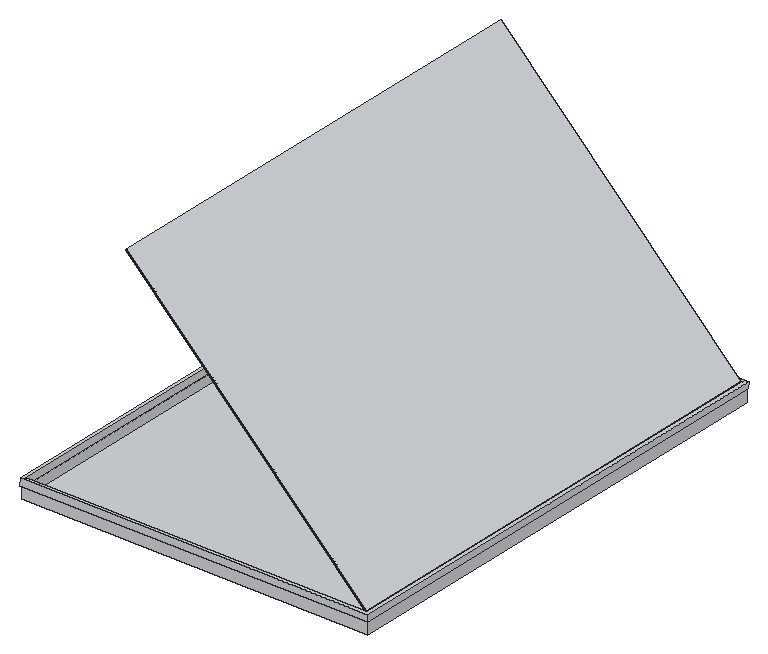
Revit family "Hager-Pablo-IP40-Plain_Door-vuoto-IT-it", category Electrical Equipment, host Face, Revit 2020
Family settings
  Host = Face
  Panel Configuration = Two Columns, Circuits Across
  Round Connector Dimension = Use Diameter
  Part Type = Panelboard
  Cut with Voids When Loaded = No
  Shared = No
  Room Calculation Point = No
Parameters (values of type "Incassato IP40 L460 A725 P25 18 Unità di divisione - B04949")
  Width Control [instance] = if([HG000006 - Ad incasso], if([EF000846 - larghezza di montaggio] > min_whd, [EF000846 - larghezza di montaggio], min_whd), if([EF000008 - Larghezza] > min_whd, ([EF000008 - Larghezza]), min_whd))  # 460 mm
  Void Depth [instance] = if([HG000006 - Ad incasso], Depth Control, 1 mm)  # 16 mm
  Type Comments = [HG000003 - Gamma]  # "Pablo"
  System Height [instance] = Height Control - 2 * [HG000005 - Spessore]  # 624 mm
  Model = [HG000004 - Codice produttore]  # "B04949"
  HG000017 - Distanza tra i poli = 18 mm
  HG000016 - Visibilità delle porte nella vista 3D [instance] = yes
  HG000015 - Visibilità attraverso la porta [instance] = no
  HG000014 - Porta destra [instance] = yes
  HG000013 - Porta sinistra [instance] = not([HG000014 - Porta destra])  # no
  HG000012 - Angolo di apertura della porta [instance] = 45.00°
  HG000011 - File vuote nella parte basse = no
  HG000010 - Porte asimmetriche = no
  HG000009 - Porta doppia a battente = no
  HG000008 - Numero di file vuote = 0
  HG000007 - Numero di colonne vuote = 0
  HG000006 - Ad incasso = yes
  HG000005 - Spessore = 3 mm  # constant formula
  HG000004 - Codice produttore = "B04949"
  HG000003 - Gamma = "Pablo"
  HG000002 - Con porta = yes
  HG000001 - Numero di colonne = 0
  EF015941 - Segnale di passaggio porta = no
  EF015777 - Morsettiera neutra = no
  EF015776 - Morsettiera di terra = no
  EF009212 - esecuzione coperchio = "EV000116 - chiuso"
  EF006306 - con serratura = no
  EF006244 - coperchio/porta trasparente = no
  EF005474 - grado di protezione (IP) = "EV006415 - IP40"
  EF004462 - tipo di chiusura = "EV001412 - cilindro"
  EF002950 - Numero moduli DIN = 18
  EF001596 - Attacco Lampada = "EV000139 - plastica"
  EF001134 - barra DIN = yes
  EF001131 - profondità interna = 16 mm
  EF001088 - possibilità di applicazione = yes
  EF001062 - esecuzione EMC = no
  EF000846 - larghezza di montaggio = 460 mm
  EF000339 - tipo di copertura = "EV004216 - porta"
  EF000332 - Altezza della parte incassata = 630 mm
  EF000266 - numero di file = 4
  EF000218 - profondità di incasso = 16 mm
  EF000118 - con piastra di montaggio = no
  EF000116 - numero RAL = "9016"
  EF000049 - profondità = 25 mm
  EF000040 - Altezza = 725 mm
  EF000008 - Larghezza = 460 mm
  EF000007 - colore = "EV000202 - bianco"
  EF000003 - Tipo di montaggio = "EV001247 - apparente/incassato"
  Arrow Offset [instance] = Depth Control / 8  # 2 mm
  Arrow Height [instance] = Depth Control - Arrow Offset  # 14 mm
  Host Offset [instance] = if([HG000006 - Ad incasso], 0 mm, [EF000049 - profondità])  # 0 mm
  min_whd [instance] = (2 * [HG000005 - Spessore]) + 1 mm  # 7 mm
  Manufacturer = "Hager"  # constant formula
  Height Control [instance] = if([HG000006 - Ad incasso], if([EF000332 - Altezza della parte incassata] > min_whd, [EF000332 - Altezza della parte incassata], min_whd), if([EF000040 - Altezza] > min_whd, ([EF000040 - Altezza]), min_whd))  # 630 mm
  Flush Mounted - Door Frame Width [instance] = if(([EF000040 - Altezza] - [EF000332 - Altezza della parte incassata]) > 0 mm, if([HG000006 - Ad incasso], [EF000040 - Altezza] - [EF000332 - Altezza della parte incassata], 0 mm), 0 mm)  # 95 mm
  Depth Control [instance] = if([HG000006 - Ad incasso], if([EF000218 - profondità di incasso] > 0 mm, [EF000218 - profondità di incasso], 1 mm), if([EF000049 - profondità] > 0 mm, ([EF000049 - profondità]), 1 mm))  # 16 mm
  Default Elevation = 0 mm
Types (18, lengths in mm): name | Width Control | Void Depth | System Height | Model | HG000006 - Ad incasso | HG000004 - Codice produttore | EF002950 - Numero moduli DIN | EF000846 - larghezza di montaggio | EF000332 - Altezza della parte incassata | EF000266 - numero di file | EF000040 - Altezza | EF000008 - Larghezza | Arrow Offset | Arrow Height | Host Offset | Height Control | Flush Mounted - Door Frame Width | Depth Control
  A parete IP40 L175 A191 P25 4 Unità di divisione - B04941 | 175 | 1 | 185 | "B04941" | no | "B04941" | 4 | 175 | 160 | 1 | 191 | 175 | 3.125 | 21.875 | 25 | 191 | 0 | 25
  A parete IP40 L211 A191 P25 6 Unità di divisione - B04942 | 211 | 1 | 185 | "B04942" | no | "B04942" | 6 | 211 | 160 | 1 | 191 | 211 | 3.125 | 21.875 | 25 | 191 | 0 | 25
  A parete IP40 L280 A235 P25 8 Unità di divisione - B04943 | 280 | 1 | 229 | "B04943" | no | "B04943" | 8 | 280 | 160 | 1 | 235 | 280 | 3.125 | 21.875 | 25 | 235 | 0 | 25
  A parete IP40 L352 A275 P25 12 Unità di divisione - B04944 | 352 | 1 | 269 | "B04944" | no | "B04944" | 12 | 352 | 160 | 1 | 275 | 352 | 3.125 | 21.875 | 25 | 275 | 0 | 25
  A parete IP40 L352 A425 P25 12 Unità di divisione - B04946 | 352 | 1 | 419 | "B04946" | no | "B04946" | 12 | 352 | 405 | 2 | 425 | 352 | 3.125 | 21.875 | 25 | 425 | 0 | 25
  A parete IP40 L352 A575 P25 12 Unità di divisione - B04947 | 352 | 1 | 569 | "B04947" | no | "B04947" | 12 | 352 | 405 | 3 | 575 | 352 | 3.125 | 21.875 | 25 | 575 | 0 | 25
  A parete IP40 L460 A275 P25 18 Unità di divisione - B04945 | 460 | 1 | 269 | "B04945" | no | "B04945" | 18 | 460 | 160 | 1 | 275 | 460 | 3.125 | 21.875 | 25 | 275 | 0 | 25
  A parete IP40 L460 A575 P25 18 Unità di divisione - B04948 | 460 | 1 | 569 | "B04948" | no | "B04948" | 18 | 460 | 405 | 3 | 575 | 460 | 3.125 | 21.875 | 25 | 575 | 0 | 25
  A parete IP40 L460 A725 P25 18 Unità di divisione - B04949 | 460 | 1 | 719 | "B04949" | no | "B04949" | 18 | 460 | 630 | 4 | 725 | 460 | 3.125 | 21.875 | 25 | 725 | 0 | 25
  Incassato IP40 L175 A191 P25 4 Unità di divisione - B04941 | 175 | 16 | 154 | "B04941" | yes | "B04941" | 4 | 175 | 160 | 1 | 191 | 175 | 2 | 14 | 0 | 160 | 31 | 16
  Incassato IP40 L211 A191 P25 6 Unità di divisione - B04942 | 211 | 16 | 154 | "B04942" | yes | "B04942" | 6 | 211 | 160 | 1 | 191 | 211 | 2 | 14 | 0 | 160 | 31 | 16
  Incassato IP40 L280 A235 P25 8 Unità di divisione - B04943 | 280 | 16 | 154 | "B04943" | yes | "B04943" | 8 | 280 | 160 | 1 | 235 | 280 | 2 | 14 | 0 | 160 | 75 | 16
  Incassato IP40 L352 A275 P25 12 Unità di divisione - B04944 | 352 | 16 | 154 | "B04944" | yes | "B04944" | 12 | 352 | 160 | 1 | 275 | 352 | 2 | 14 | 0 | 160 | 115 | 16
  Incassato IP40 L352 A425 P25 12 Unità di divisione - B04946 | 352 | 16 | 399 | "B04946" | yes | "B04946" | 12 | 352 | 405 | 2 | 425 | 352 | 2 | 14 | 0 | 405 | 20 | 16
  Incassato IP40 L352 A575 P25 12 Unità di divisione - B04947 | 352 | 16 | 399 | "B04947" | yes | "B04947" | 12 | 352 | 405 | 3 | 575 | 352 | 2 | 14 | 0 | 405 | 170 | 16
  Incassato IP40 L460 A275 P25 18 Unità di divisione - B04945 | 460 | 16 | 154 | "B04945" | yes | "B04945" | 18 | 460 | 160 | 1 | 275 | 460 | 2 | 14 | 0 | 160 | 115 | 16
  Incassato IP40 L460 A575 P25 18 Unità di divisione - B04948 | 460 | 16 | 399 | "B04948" | yes | "B04948" | 18 | 460 | 405 | 3 | 575 | 460 | 2 | 14 | 0 | 405 | 170 | 16
  Incassato IP40 L460 A725 P25 18 Unità di divisione - B04949 | 460 | 16 | 624 | "B04949" | yes | "B04949" | 18 | 460 | 630 | 4 | 725 | 460 | 2 | 14 | 0 | 630 | 95 | 16
Reference planes
  plane 1 "Center (Front/Back)": y = 0
  plane 2: z = 0
  plane 3 "Center (Left/Right)": x = 0
  plane 4: z = 0
  plane 5: y = 98
  plane 6: z = -5
  plane 7: y = 410
  plane 8: y = 95
  plane 9: y = 725
  plane 10: z = -16
  plane 11: x = -230
  plane 12: x = 230
  plane 13: x = 227
  plane 14: x = -227
  plane 15: y = 722
  plane 16: z = -13
  plane 17: z = -3
  plane 18: z = -16
  plane 19: z = -3
Forms (mm)
  Extrusion 1, solid
    sketch origin (-583.045, 95, 1219.2) x (-1, 0, 0) y (0, 0, 1)
      loop
        line (-353.045, -1219.2) -> (-813.045, -1219.2) -> (-813.045, -1235.2) -> (-353.045, -1235.2) -> (-353.045, -1219.2)
    from 0 to 630 <- "Height Control"
  Extrusion 2, void
    sketch origin (-381.607, -4572, 0) x (0, -1, 0) y (-1, 0, 0)
      loop
        line (-5294, -154.607) -> (-5294, -608.607) -> (-4670, -608.607) -> (-4670, -154.607) -> (-5294, -154.607)
    from 0 to 13
  Extrusion 3, void
    sketch origin (0, 0, 0) x (1, 0, 0) y (0, 1, 0)
      loop
        line (-230, 95) -> (230, 95) -> (230, 725) -> (-230, 725) -> (-230, 95)
    from -16 to 1
  Extrusion 4, solid, detail levels coarse+medium
    sketch origin (-381.607, -4572, 0) x (-1, 0, 0) y (0, -1, 0)
      loop
        line (-154.607, -5294) -> (-154.607, -4670) -> (-608.607, -4670) -> (-608.607, -5294) -> (-154.607, -5294)
    from 0 to -3
Cuts and joins
  Extrusion 2 cuts Extrusion 1
Dimensions and locks
  plane 4 to plane 6 = 5 mm
  "Host Offset": plane 4 to host face
  "Flush Mounted - Door Frame Width": plane 1 "Center (Front/Back)" to plane 8
  "HG000005 - Spessore": plane 5 to plane 8
  locked: connector elem to plane 3 "Center (Left/Right)"
  "Height Control": plane 9 to plane 8
  equal spacing: plane 9, plane 7, plane 8
  locked: connector elem to plane 7
  "Depth Control": plane 4 to plane 10
  "HG000005 - Spessore": plane 11 to plane 14
  "HG000005 - Spessore": plane 12 to plane 13
  equal spacing: plane 11, plane 3 "Center (Left/Right)", plane 12
  "Width Control": plane 11 to plane 12
  "Arrow Offset": nested 4 to plane 10
  "HG000005 - Spessore": plane 9 to plane 15
  "HG000005 - Spessore": plane 16 to plane 10
  "HG000005 - Spessore": plane 4 to plane 17
  "Void Depth": plane 2 to plane 18
  "HG000005 - Spessore": plane 4 to plane 19
  aligned and locked: plane 2 to host face
  aligned and locked: level to host face
  aligned and locked: plane 3 "Center (Left/Right)" to nested 2
  aligned and locked: plane 4 to nested 2
  aligned and locked: nested 2 to plane 8
  aligned and locked: nested 1 to plane 6
  aligned and locked: nested 1 to plane 5
  aligned and locked: nested 4 to plane 11
  aligned and locked: nested 3 to plane 4
  aligned and locked: Extrusion 1 sketch curve to plane 12
  aligned and locked: Extrusion 1 sketch curve to plane 11
  aligned and locked: nested 3 to plane 10
  aligned and locked: plane 10 to Extrusion 1 sketch curve
  aligned and locked: Extrusion 2 sketch curve to plane 5
  aligned and locked: Extrusion 2 sketch curve to plane 15
  aligned and locked: Extrusion 2 sketch curve to plane 14
  aligned and locked: Extrusion 2 sketch curve to plane 13
  aligned and locked: plane 11 to Extrusion 3 sketch curve
  aligned and locked: plane 9 to Extrusion 3 sketch curve
  aligned and locked: Extrusion 3 sketch curve to plane 8
  aligned and locked: plane 12 to Extrusion 3 sketch curve
  aligned and locked: nested 3 to plane 12
  aligned and locked: Extrusion 3 to plane 18
  aligned and locked: Extrusion 2 to plane 16
  aligned and locked: Extrusion 1 sketch curve to plane 4
  aligned and locked: Extrusion 4 to plane 17
  aligned and locked: Extrusion 4 sketch curve to plane 15
  aligned and locked: Extrusion 4 sketch curve to plane 13
  aligned and locked: Extrusion 4 sketch curve to plane 14
  aligned and locked: Extrusion 4 sketch curve to plane 5
Automatic sketch dimensions
  host sketch curve to host sketch curve = 1469.727 mm
  host sketch curve to host sketch curve = 1434.803 mm
Nested families
  nested 1: "Hager_Enclosure_System" at (0, 98, -5) x (1, 0, 0) z (0, 1, 0), Depth <- "HG000005 - Spessore", Height <- "System Height", Width <- "EF000008 - Larghezza", Border <- "HG000005 - Spessore", Flush_Mounted <- "HG000006 - Ad incasso", Built-in_Width <- "EF000846 - larghezza di montaggio", Row_Module_Multiplicator <- "EF002950 - Numero moduli DIN", Total_No_Empty_Rows <- "HG000008 - Numero di file vuote", Total_No_Rows <- "EF000266 - numero di file", Empty_Columns <- "HG000007 - Numero di colonne vuote", Width_Control <- "Width Control", Empty_Rows_From_Bottom <- "HG000011 - File vuote nella parte basse", Distance_Between_Poles <- "HG000017 - Distanza tra i poli", Rows_Count <- "EF000266 - numero di file", Columns_Count <- "HG000001 - Numero di colonne", type "Hager_Enclosure_System", detail levels fine
    with Width_Control 460 mm, Width 460 mm, Total_No_Rows 4, Total_No_Empty_Rows 0, Total_No_Columns 1, System_Width 454 mm, Rows_Count 4, Rows_Column 4, Row_Module_Multiplicator 18, Panel_4 no, Panel_3 no, Panel_2 no, Panel_1 no, No_Panels_Ctrl 1, Hide_Columns yes, Height 624 mm, Flush_Mounted yes, Empty_Rows_From_Bottom no, Empty_Rows_Column 0, Empty_Columns 0, Distance_Between_Poles 18 mm, Depth 3 mm, Columns_Count 0, Column_Width 454 mm, Built-in_Width 460 mm, Border 3 mm
  nested 2: "Hager_Enclosure_Door" at (0, 95, 0) x (1, 0, 0) z (0, 1, 0), Border <- "HG000005 - Spessore", Door_Right <- "HG000014 - Porta destra", Flush_Mounted <- "HG000006 - Ad incasso", Depth <- "EF000049 - profondità", Width <- "EF000008 - Larghezza", Door_Left <- "HG000013 - Porta sinistra", 3d_Door <- "HG000016 - Visibilità delle porte nella vista 3D", BuiltIn_Width <- "EF000846 - larghezza di montaggio", BuiltIn_Height <- "EF000332 - Altezza della parte incassata", BuiltIn_Depth <- "EF000218 - profondità di incasso", Angle <- "HG000012 - Angolo di apertura della porta", Assymetrical <- "HG000010 - Porte asimmetriche", Double <- "HG000009 - Porta doppia a battente", Clearance <- "HG000015 - Visibilità attraverso la porta", Transparent <- "EF006244 - coperchio/porta trasparente", Door <- "HG000002 - Con porta", Height_Ctrl <- "Height Control", Width_Ctrl <- "Width Control", Height <- "EF000040 - Altezza", type "Hager_Enclosure_Door", detail levels medium+fine
    with min_wh 7 mm, Width_Ctrl 460 mm, Width 460 mm, Transparent_Door_No_Bottom_Border no, Transparent no, Leaf_Width 451 mm, Leaf_Tolerance 1.5 mm, Leaf_Height 621 mm, Leaf_2_Width 451 mm, Leaf_2_Offset 225.5 mm, Leaf_1_Width 451 mm, Leaf_1_Offset 225.5 mm, Height_Ctrl 630 mm, Height 725 mm, Frame_Width_Ctrl 1 mm, Frame_Width 0 mm, Frame_Internal_Offset 3 mm, Frame_Height_Ctrl 95 mm, Frame_Height 95 mm, Frame_Depth_Ctrl 9 mm, Frame_Depth 9 mm, Flush_Mounted yes, Double_Clearance_Ctrl no, Double no, Door_Right_Ctrl yes, Door_Right yes, Door_Left_Ctrl no, Door_Left no, Door yes, Depth 25 mm, Clearance_Depth 451 mm, Clearance_Ctrl no, Clearance no, BuiltIn_Width 460 mm, BuiltIn_Height 630 mm, BuiltIn_Depth 16 mm, Border 3 mm, Assymetrical no, Angle 45.00°, 3d_Door yes
  nested 3: "Hager_Enclosure_Symbol_Triangle" at (-230, 0, -16) x (1, 0, 0) z (0, -1, 0), Depth <- "Depth Control", Width <- "Width Control", type "Hager_Enclosure_Symbol_Triangle"
    with Width_Ctrl 460 mm, Width 460 mm, Depth_Ctrl 16 mm, Depth 16 mm
  nested 4: "Hager_Enclosure_Symbol_Arrow" at (-230, 0, -14) x (1, 0, 0) z (0, -1, 0), Height <- "Arrow Height", type "Hager_Enclosure_Symbol_Arrow"
    with Width_Inside 2 mm, Width 12.6 mm, Height_Ctrl 14 mm, Height 14 mm
Connectors
  electrical at (0, 410, -16)
    settings: on plane 10, index 1, voltage 0 V, apparent load 0 VA, apparent load phase1 0 VA, apparent load phase2 0 VA, apparent load phase3 0 VA, power factor 1, load classification "Other", number of poles 1, system type 30, power factor state 1, is connector primary yes, connector utility no, sub classification motor no, connector description ""
Definition of nested family "Hager_Enclosure_Door"
  Parameters (values of type "Hager_Enclosure_Door")
    min_wh [instance] = (2 * Border) + 1 mm  # 11 mm
    Width_Ctrl [instance] = 400 mm
    Width [instance] = 500 mm
    Transparent_Door_No_Bottom_Border [instance] = no
    Transparent [instance] = yes
    Leaf_Width [instance] = if((Width_Ctrl - 2 * Border - 2 * Leaf_Tolerance) > 0 mm, (Width_Ctrl - 2 * Border - 2 * Leaf_Tolerance), min_wh)  # 387 mm
    Leaf_Tolerance [instance] = 1.5 mm  # constant formula
    Leaf_Height [instance] = if((Height_Ctrl - 2 * Border - 2 * Leaf_Tolerance) > 0 mm, (Height_Ctrl - 2 * Border - 2 * Leaf_Tolerance), min_wh)  # 387 mm
    Leaf_2_Width [instance] = if(and(and(Double, Assymetrical), Door_Left), (Leaf_Width / 3) - (Leaf_Tolerance / 2), if(and(and(Double, Assymetrical), Door_Right), (Leaf_Width / 3) * 2 - (Leaf_Tolerance / 2), if(and(Double, not(Assymetrical)), (Leaf_Width / 2) - Leaf_Tolerance, Leaf_Width)))  # 387 mm
    Leaf_2_Offset [instance] = if(and(Double, Assymetrical), Leaf_2_Width / 2, if(and(Double, not(Assymetrical)), Leaf_Width / 4, Leaf_Width / 2))  # 193.5 mm
    Leaf_1_Width [instance] = if(and(and(Double, Assymetrical), Door_Right), (Leaf_Width / 3) - (Leaf_Tolerance / 2), if(and(and(Double, Assymetrical), Door_Left), (Width / 3) * 2 - (Leaf_Tolerance / 2), if(and(Double, not(Assymetrical)), (Leaf_Width / 2) - Leaf_Tolerance, Leaf_Width)))  # 387 mm
    Leaf_1_Offset [instance] = if(and(Double, Assymetrical), Leaf_1_Width / 2, if(and(Double, not(Assymetrical)), Leaf_Width / 4, Leaf_Width / 2))  # 193.5 mm
    Height_Ctrl [instance] = 400 mm
    Height [instance] = 500 mm
    Frame_Width_Ctrl [instance] = if(Frame_Width > 0 mm, Frame_Width, 1 mm)  # 1 mm
    Frame_Width [instance] = Width - BuiltIn_Width  # 0 mm
    Frame_Internal_Offset [instance] = if(Flush_Mounted, Border, 0 mm)  # 5 mm
    Frame_Height_Ctrl [instance] = if(Frame_Height > 0 mm, Frame_Height, 1 mm)  # 1 mm
    Frame_Height [instance] = Height - BuiltIn_Height  # 0 mm
    Frame_Depth_Ctrl [instance] = if(Frame_Depth > 0 mm, Frame_Depth, 1 mm)  # 1 mm
    Frame_Depth [instance] = if(Depth - BuiltIn_Depth > 0 mm, if(Flush_Mounted, Depth - BuiltIn_Depth, 0 mm), 0 mm)  # 0 mm
    Flush_Mounted [instance] = yes
    Double_Clearance_Ctrl [instance] = and(Double, Clearance)  # no
    Double [instance] = no
    Door_Right_Ctrl [instance] = and(or(Door_Right, Double), Door)  # yes
    Door_Right [instance] = yes
    Door_Left_Ctrl [instance] = and(or(Door_Left, Double), Door)  # no
    Door_Left [instance] = no
    Door [instance] = yes
    Depth [instance] = 500 mm
    Default Elevation = 1219.2 mm
    Clearance_Material = none
    Clearance_Depth [instance] = if(Leaf_1_Width > Leaf_2_Width, Leaf_1_Width, Leaf_2_Width)  # 387 mm
    Clearance_Ctrl [instance] = and(not(Double), Clearance)  # yes
    Clearance [instance] = yes
    BuiltIn_Width [instance] = 500 mm
    BuiltIn_Height [instance] = 500 mm
    BuiltIn_Depth [instance] = 500 mm
    Border [instance] = 5 mm
    Assymetrical [instance] = yes
    Angle [instance] = 30.00°
    3d_Door [instance] = yes
  Reference planes
    plane 1 "Center (Front/Back)": y = 0
    plane 2 "Bottom": z = 0
    plane 3 "Center (Left/Right)": x = 0
    plane 4: z = 400
    plane 5: x = -200
    plane 6: x = 200
    plane 7: z = 395
    plane 8: x = -195
    plane 9: z = 5
    plane 10: x = 195
    plane 11: y = 0
    plane 12: z = 6.5
    plane 13: x = -582
    plane 14: y = -387
    plane 15: x = 582
    plane 16: x = 0
    plane 17: x = 0
    plane 18: x = -193.5
    plane 19: x = 193.5
    plane 20: z = 393.5
  Forms (mm)
    Extrusion 1, solid, visible <- "Flush_Mounted"
      sketch origin (0, 0, 0) x (1, 0, 0) y (0, 0, 1)
        loop
          line (195, 5) -> (195, 395) -> (-195, 395) -> (-195, 5) -> (195, 5)
        loop
          line (-201, 401) -> (-201, -1) -> (201, -1) -> (201, 401) -> (-201, 401)
      from 0 to 1 <- "Frame_Depth_Ctrl"
    Extrusion 2, solid, material <- "Clearance_Material", visible <- "Double_Clearance_Ctrl"
      sketch origin (1200, 0, 0) x (1, 0, 0) y (0, 0, -1)
        loop
          line (-1782, -393.5) -> (-618, -393.5) -> (-618, 0) -> (-1782, 0) -> (-1782, -393.5)
      from 0 to -387
  Dimensions and locks
    equal spacing: plane 5, plane 3 "Center (Left/Right)", plane 6
    "Width_Ctrl": plane 5 to plane 6
    "Border": plane 5 to plane 8
    "Border": plane 6 to plane 10
    "Border": plane 9 to level
    "Border": plane 4 to plane 7
    "Height_Ctrl": plane 4 to level
    "Leaf_Tolerance": plane 12 to plane 9
    "Frame_Depth": plane 11 to plane 1 "Center (Front/Back)"
    "Frame_Width_Ctrl": plane 5 to Extrusion 1 sketch curve
    "Frame_Width_Ctrl": plane 6 to Extrusion 1 sketch curve
    "Frame_Width_Ctrl": Extrusion 1 sketch curve to plane 4
    "Frame_Width_Ctrl": plane 2 "Bottom" to Extrusion 1 sketch curve
    "Leaf_1_Offset": plane 18 to plane 16
    "Leaf_2_Offset": plane 17 to plane 19
    "Leaf_1_Width": plane 13 to plane 8
    "Leaf_2_Width": plane 10 to plane 15
    "Clearance_Depth": plane 14 to plane 1 "Center (Front/Back)"
    "Leaf_Tolerance": plane 8 to plane 18
    "Leaf_Tolerance": plane 19 to plane 10
    "Leaf_Tolerance": plane 7 to plane 20
    "Frame_Internal_Offset": plane 5 to Extrusion 1 sketch curve
    "Frame_Internal_Offset": Extrusion 1 sketch curve to plane 2 "Bottom"
    "Frame_Internal_Offset": plane 6 to Extrusion 1 sketch curve
    "Frame_Internal_Offset": plane 4 to Extrusion 1 sketch curve
    aligned and locked: level to plane 2 "Bottom"
    aligned and locked: nested 1 to plane 16
    aligned and locked: nested 2 to plane 17
    aligned and locked: Extrusion 2 to plane 13
    aligned and locked: plane 15 to Extrusion 2
    aligned and locked: Extrusion 2 to plane 14
    aligned and locked: plane 12 to nested 1
    aligned and locked: nested 2 to plane 12
    aligned and locked: Extrusion 2 to plane 11
    aligned and locked: plane 20 to Extrusion 2
    aligned and locked: nested 2 to plane 11
    aligned and locked: nested 1 to plane 11
  Automatic sketch dimensions
    Extrusion 2 sketch curve to level = 0 mm
    plane 5 to Extrusion 2 sketch curve = 382 mm
    plane 6 to Extrusion 2 sketch curve = 382 mm
    Extrusion 2 sketch curve to plane 4 = 6.5 mm
  Nested families
    nested 1: "Hager_Enclosure_Door_Leaf" at (0, 0, 6.5), Width <- "Leaf_1_Width", visible <- "Door_Left_Ctrl", Leaf_Height <- "Leaf_Height", Angle <- "Angle", Depth <- "Border", 3d_Door <- "3d_Door", Transparent <- "Transparent", Clearance Material <- "Clearance_Material", Clearance <- "Clearance_Ctrl", Transparent_Door_No_Bottom_Border <- "Transparent_Door_No_Bottom_Border", type "Hager_Enclosure_Door_Leaf"
      with Width 387 mm, Transparent_Door_No_Bottom_Border no, Transparent_Door_Border_Bottom_Top 25 mm, Transparent_Door_Border 25 mm, Transparent_Ctrl yes, Transparent yes, Standard no, Leaf_Height 387 mm, Glass_Offset 1 mm, Depth 5 mm, Clearance Material none, Clearance yes, Angle_Ctrl 30.00°, Angle 30.00°, 3d_Door yes
    nested 2: "Hager_Enclosure_Door_Leaf" at (0, 0, 6.5) x (-1, 0, 0) z (0, 0, 1), Width <- "Leaf_2_Width", visible <- "Door_Right_Ctrl", Leaf_Height <- "Leaf_Height", Angle <- "Angle", Depth <- "Border", 3d_Door <- "3d_Door", Transparent <- "Transparent", Clearance Material <- "Clearance_Material", Clearance <- "Clearance_Ctrl", Transparent_Door_No_Bottom_Border <- "Transparent_Door_No_Bottom_Border", type "Hager_Enclosure_Door_Leaf"
      with Width 387 mm, Transparent_Door_No_Bottom_Border no, Transparent_Door_Border_Bottom_Top 25 mm, Transparent_Door_Border 25 mm, Transparent_Ctrl yes, Transparent yes, Standard no, Leaf_Height 387 mm, Glass_Offset 1 mm, Depth 5 mm, Clearance Material none, Clearance yes, Angle_Ctrl 30.00°, Angle 30.00°, 3d_Door yes
  Definition of nested family "Hager_Enclosure_Door_Leaf"
    Parameters (values of type "Hager_Enclosure_Door_Leaf")
      Width [instance] = 2000 mm
      Transparent_Door_No_Bottom_Border [instance] = yes
      Transparent_Door_Border_Bottom_Top [instance] = if(Transparent_Door_No_Bottom_Border, 0.1 mm, Transparent_Door_Border)  # 0.1 mm
      Transparent_Door_Border [instance] = if(Transparent_Door_No_Bottom_Border, (Width * 0.12), 25 mm)  # 240 mm
      Transparent_Ctrl [instance] = and(Transparent, [3d_Door])  # yes
      Transparent [instance] = yes
      Standard [instance] = and(not(Transparent), [3d_Door])  # no
      Leaf_Height [instance] = 2720.336 mm
      Glass_Offset [instance] = if((Depth - 10 mm) / 2 > 0 mm, (Depth - 10 mm) / 2, 1 mm)  # 15 mm
      Glass_Material = none
      Depth [instance] = 40 mm
      Default Elevation = 0 mm
      Clearance Material [instance] = none
      Clearance [instance] = yes
      Angle_Ctrl [instance] = if(Angle > 170.00°, 170.00°, Angle)  # 45.00°
      Angle [instance] = 45.00°
      3d_Door [instance] = yes
    Reference planes
      plane 1 "Center (Front/Back)": y = 0
      plane 2: z = 0
      plane 3 "Center (Left/Right)": x = 0
      plane 4: y = 2000
      plane 5: x = -1000
      plane 6: x = 1000
      plane 7: x = -3000
      plane 8: z = 2720.336
      plane 9: z = 0.1
      plane 10: z = 2720.236
      plane 11: x = 760
      plane 12: x = -760
    Forms (mm)
      Extrusion 1, solid, material <- "Clearance Material", visible <- "Clearance"
        sketch origin (0, 0, 0) x (1, 0, 0) y (0, 0, 1)
          loop
            line (-3000, 2720.336) -> (-3000, 0) -> (1000, 0) -> (1000, 2720.336) -> (-3000, 2720.336)
        from 0 to -2000
      Extrusion 2, solid, visible <- "Standard", detail levels medium+fine
        sketch origin (-1000, 0, 0) x (0.707107, 0.707107, 0) y (-0.707107, 0.707107, 0)
          loop
            line (0, -40) -> (2000, -40) -> (2000, 0) -> (0, 0) -> (0, -40)
        from 0 to 2720.336 <- "Leaf_Height"
      Extrusion 3, solid, visible <- "Transparent_Ctrl", detail levels medium+fine
        sketch origin (-1000, 0, 0) x (0.707107, 0.707107, 0) y (-0.707107, 0.707107, 0)
          loop
            line (0, -40) -> (2000, -40) -> (2000, 0) -> (0, 0) -> (0, -40)
        from 0 to 2720.336 <- "Leaf_Height"
      Extrusion 4, void, detail levels medium+fine
        sketch origin (-1000, 0, 0) x (-0.707107, 0.707107, 0) y (0.707107, 0.707107, 0)
          loop
            line (0, 240) -> (0, 1760) -> (-40, 1760) -> (-40, 240) -> (0, 240)
        from -2720.236 to -0.1
      Extrusion 5, solid, material <- "Glass_Material", visible <- "Transparent_Ctrl", detail levels medium+fine
        sketch origin (-1000, 0, 0) x (0.707107, 0.707107, 0) y (-0.707107, 0.707107, 0)
          loop
            line (240, -15) -> (240, -25) -> (1760, -25) -> (1760, -15) -> (240, -15)
        from 0.1 to 2720.236
    Cuts and joins
      Extrusion 4 cuts Extrusion 3
    Lines and regions (mm)
      symbolic lines
        curve 1: line (1000, 0, 0) -> (-3000, 0, 0)
        curve 2: arc (1000, 0, 0) -> (-1000, 2000, 0) -> (-3000, 0, 0) r 2000
        curve 4: line (-1000, 0, 0) -> (414.214, 1414.214, 0)
      reference lines
        curve 3: line (-1000, 0, 0) -> (414.214, 1414.214, 0)
      symbolic lines, detail levels medium+fine
        curve 5: line (414.214, 1414.214, 0) -> (442.498, 1385.929, 0)
        curve 6: line (442.498, 1385.929, 0) -> (-971.716, -28.284, 0)
        curve 7: line (-971.716, -28.284, 0) -> (-1000, 0, 0)
        curve 8: line (-1000, 0, 2720.336) -> (1000, 0, 2720.336)
        curve 9: line (-1000, 0, 0) -> (-1000, 0, 2720.336)
        curve 10: line (1000, 0, 0) -> (-1000, 0, 0)
        curve 11: line (1000, 0, 2720.336) -> (1000, 0, 0)
      symbolic lines, visible <- "Transparent_Ctrl", detail levels medium+fine
        curve 12: line (-760, 0, 2720.236) -> (760, 0, 2720.236)
        curve 13: line (-760, 0, 0.1) -> (-760, 0, 2720.236)
        curve 14: line (760, 0, 0.1) -> (-760, 0, 0.1)
        curve 15: line (760, 0, 2720.236) -> (760, 0, 0.1)
    Dimensions and locks
      "Width": plane 1 "Center (Front/Back)" to plane 4
      equal spacing: plane 5, plane 3 "Center (Left/Right)", plane 6
      "Width": plane 5 to plane 6
      "Width": plane 7 to plane 5
      "Leaf_Height": plane 8 to level
      "Depth": curve 6 to curve 3
      "Width": curve 5 to curve 3
      "Width": curve 3 to curve 3
      "Transparent_Door_Border": Extrusion 4 sketch curve to curve 7
      "Transparent_Door_Border": Extrusion 4 sketch curve to curve 5
      "Transparent_Door_Border_Bottom_Top": plane 8 to plane 10
      "Transparent_Door_Border_Bottom_Top": plane 9 to level
      "Glass_Offset": Extrusion 5 sketch curve to curve 4
      "Glass_Offset": Extrusion 5 sketch curve to curve 6
      "Transparent_Door_Border": Extrusion 5 sketch curve to curve 5
      "Transparent_Door_Border": Extrusion 5 sketch curve to curve 7
      "Transparent_Door_Border": plane 12 to plane 5
      "Transparent_Door_Border": plane 6 to plane 11
      "Angle_Ctrl": angle plane 1 "Center (Front/Back)" to curve 3
      aligned and locked: level to plane 2
      aligned and locked: Extrusion 1 to curve 1
      aligned and locked: plane 6 to Extrusion 1
      aligned and locked: Extrusion 1 to plane 1 "Center (Front/Back)"
      aligned and locked: plane 4 to Extrusion 1
      aligned and locked: plane 8 to Extrusion 1
      aligned and locked: curve 4 to curve 3
      aligned and locked: Extrusion 2 sketch curve to curve 7
      aligned and locked: Extrusion 2 sketch curve to curve 6
      aligned and locked: Extrusion 2 sketch curve to curve 5
      aligned and locked: Extrusion 2 sketch curve to curve 3
      aligned and locked: curve 7 to Extrusion 3 sketch curve
      aligned and locked: Extrusion 3 sketch curve to curve 4
      aligned and locked: Extrusion 3 sketch curve to curve 6
      aligned and locked: Extrusion 3 sketch curve to curve 5
      aligned and locked: curve 4 to Extrusion 4 sketch curve
      aligned and locked: curve 6 to Extrusion 4 sketch curve
      aligned and locked: Extrusion 4 to plane 9
      aligned and locked: Extrusion 4 to plane 10
      aligned and locked: Extrusion 5 to plane 9
      aligned and locked: Extrusion 5 to plane 10
      aligned and locked: curve 8 to plane 8
      aligned and locked: plane 5 to curve 9
      aligned and locked: plane 2 to curve 10
      aligned and locked: curve 11 to plane 6
      aligned and locked: plane 10 to curve 12
      aligned and locked: plane 12 to curve 13
      aligned and locked: curve 14 to plane 9
      aligned and locked: plane 11 to curve 15
    Automatic sketch dimensions
      plane 1 "Center (Front/Back)" to curve 2 = 0 mm
      curve 2 to plane 5 = 0 mm
      Extrusion 1 sketch curve to level = 0 mm
      Extrusion 1 sketch curve to plane 7 = 0 mm
      Extrusion 1 sketch curve to plane 6 = 0 mm
      Extrusion 1 sketch curve to plane 8 = 0 mm
      plane 1 "Center (Front/Back)" to curve 3 = 0 mm
      curve 3 to plane 5 = 0 mm
      curve 7 to curve 3 = 0 mm
Definition of nested family "Hager_Enclosure_Symbol_Triangle"
  Parameters (values of type "Hager_Enclosure_Symbol_Triangle")
    Width_Ctrl [instance] = if(Width > 1 mm, Width, 1 mm)  # 498 mm
    Width [instance] = 498 mm
    Depth_Ctrl [instance] = if(Depth > 1 mm, Depth, 1 mm)  # 72 mm
    Depth [instance] = 72 mm
  Reference planes
    plane 1 "Centre (avant/arrière)": y = 0
    plane 2: z = 0
    plane 3 "Centre (gauche/droite)": x = 0
  Lines and regions (mm)
    Filled region 1, type "Solid_Black", in view "Niveau de réf."
      outline origin (0, 0, 0) x (1, 0, 0) y (0, 1, 0)
        loop
          line (0, 0) -> (498, 0) -> (498, 72) -> (0, 0)
    reference lines, in view "Niveau de réf."
      curve 1: line (-206.153, 72, 0) -> (1083.258, 72, 0)
      curve 2: line (498, 405.456, 0) -> (498, -517.619, 0)
  Dimensions and locks
    "Depth_Ctrl": plane 1 "Centre (avant/arrière)" to curve 1
    "Width_Ctrl": plane 3 "Centre (gauche/droite)" to curve 2
    aligned and locked: curve 1 to Filled region 1 sketch curve
    aligned and locked: Filled region 1 sketch curve to plane 1 "Centre (avant/arrière)"
    aligned and locked: curve 2 to Filled region 1 sketch curve
    aligned and locked: plane 3 "Centre (gauche/droite)" to Filled region 1 sketch curve
    aligned and locked: plane 1 "Centre (avant/arrière)" to Filled region 1 sketch curve
  Automatic sketch dimensions
    curve 1 to plane 3 "Centre (gauche/droite)" = 206.153 mm
    curve 2 to curve 1 = 585.258 mm
    plane 1 "Centre (avant/arrière)" to curve 2 = 517.619 mm
    curve 2 to plane 1 "Centre (avant/arrière)" = 405.456 mm
Definition of nested family "Hager_Enclosure_Symbol_Arrow"
  Parameters (values of type "Hager_Enclosure_Symbol_Arrow")
    Width_Inside [instance] = if(Width / 12 > 2 mm, Width / 12, 2 mm)  # 4.987 mm
    Width [instance] = if(Height_Ctrl * 0.9 > 2 mm, Height_Ctrl * 0.9, 2 mm)  # 59.85 mm
    Height_Ctrl [instance] = if(Height > 2 mm, Height, 2 mm)  # 66.5 mm
    Height [instance] = 66.5 mm
  Reference planes
    plane 1 "Centre (avant/arrière)": y = 0
    plane 2: z = 0
    plane 3 "Centre (gauche/droite)": x = 0
    plane 4: x = 59.85
    plane 5: y = 28.263
    plane 6: y = 38.238
    plane 7: y = 66.5
    plane 8: x = 29.925
    plane 9: y = 33.25
  Lines and regions (mm)
    Filled region 1, type "Solid_Black", in view "Niveau de réf."
      outline origin (0, 0, 0) x (1, 0, 0) y (0, 1, 0)
        loop
          line (59.85, 66.5) -> (37.929, 52.827) -> (51.846, 41.935) -> (59.85, 66.5)
    detail lines, in view "Niveau de réf."
      curve 1: line (0, 0, 0) -> (29.925, 38.238, 0)
      curve 2: line (29.925, 38.238, 0) -> (29.925, 28.263, 0)
      curve 3: line (29.925, 28.263, 0) -> (59.85, 66.5, 0)
  Dimensions and locks
    "Width": plane 3 "Centre (gauche/droite)" to plane 4
    "Height_Ctrl": plane 7 to plane 1 "Centre (avant/arrière)"
    equal spacing: plane 3 "Centre (gauche/droite)", plane 8, plane 4
    equal spacing: plane 7, plane 9, plane 1 "Centre (avant/arrière)"
    equal spacing: plane 6, plane 9, plane 5
    "Width_Inside": plane 6 to plane 9
    equal spacing: curve 3, Filled region 1 sketch curve, Filled region 1 sketch curve
    angle Filled region 1 sketch curve to curve 3 = 20.00°
    angle curve 3 to Filled region 1 sketch curve = 20.00°
    locked: curve 3 to Filled region 1 sketch curve (angle 90.00°)
  Automatic sketch dimensions
    plane 1 "Centre (avant/arrière)" to curve 1 = 0 mm
    curve 1 to plane 3 "Centre (gauche/droite)" = 0 mm
    curve 2 to plane 6 = 0 mm
    curve 3 to plane 8 = 0 mm
    curve 3 to plane 4 = 0 mm
    curve 2 to plane 5 = 0 mm
    curve 3 to plane 7 = 0 mm
    Filled region 1 sketch curve to plane 4 = 0 mm
    Filled region 1 sketch curve to plane 7 = 0 mm
